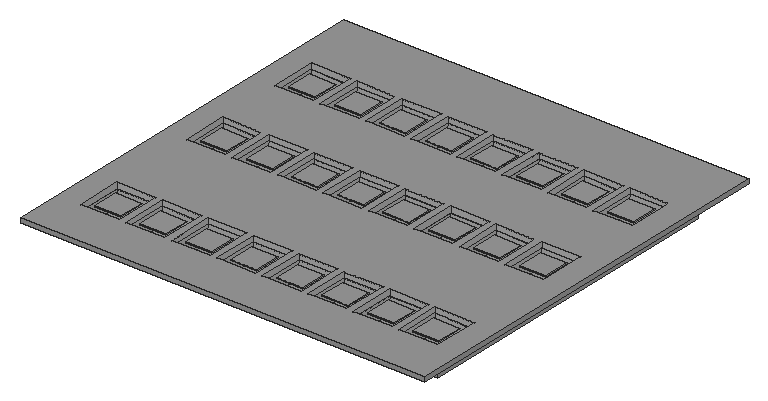
Revit family "2023650", category Lighting Fixtures, host Face, Revit 2018
Family settings
  Host = Face
  Round Connector Dimension = Use Diameter
  Part Type = Normal
  OmniClass Number = 23.80.70.00
  OmniClass Title = Lighting
  Cut with Voids When Loaded = No
  Light Source = Yes
  Shared = No
  Room Calculation Point = No
Parameters (values of type "2023650 OPTIX R 625 3L TW ALU DA")
  Weight = "n/a"
  Wattage Comments = ""
  Wattage = 9.2903 W
  WarrantyStartDate [instance] = "n/a"
  WarrantyGuarantorParts = "n/a"
  WarrantyDurationUnit = "n/a"
  WarrantyDurationParts = ""
  WarrantyDescription = "http://www.sylvania-lighting.com"
  built-in parameter 1150110 = 1 (stored number, unit not read)
  Voltage = 0 V
  URL = "0.97"
  TypeName = "OPTIX RECESSED 625 3L TW ALU DALI"
  Type Image = <None>
  Type Comments = "n/a"
  built-in parameter 1114217 = 1 (stored number, unit not read)
  Tilt Angle = -90.00°
  built-in parameter 1150109 = 1 (stored number, unit not read)
  built-in parameter 1150134 = 3
  built-in parameter 1150113 = 1 (stored number, unit not read)
  SerialNumber [instance] = "n/a"
  Photometric Web File = "2023650.ies"
  Material_3_SYL = none
  PowerFactor = 0
  PowerConsumption = "Lighting"
  NominalLength = 621 mm
  NominalHeight = 38 mm
  NominalDepth = 620 mm
  Name = "OPTIX RECESSED 625 3L TW ALU DALI"
  ModelReference = Name  # "OPTIX RECESSED 625 3L TW ALU DALI"
  ModelNumber = "2023650"
  Model = Name  # "OPTIX RECESSED 625 3L TW ALU DALI"
  Material = "Feilo Sylvania"
  ManufacturerName = "113 lm/W"
  Manufacturer = ""
  LuminousEfficacy = ""
  built-in parameter 1150105 = 109.82 (stored number, unit not read)
  Lumens = 1380 lm
  LuminaireType = "0"
  built-in parameter 1150115 = 1 (stored number, unit not read)
  LightOutputRatio = "LED"
  built-in parameter 1150137 = (empty or 0)
  built-in parameter 1150139 = (empty or 0)
  LampsType = Lamp  # "n/a"
  LampNominalLuminous = "3000 K"
  LampMacAdamStep = "80"
  LampColourTemperature = "LED"
  LampColourRenderingIndex = "16500"
  built-in parameter 1150112 = 1 (stored number, unit not read)
  built-in parameter 1150114 = 1 (stored number, unit not read)
  Lamp = "n/a"
  Keynote = "n/a"
  InstallationDate [instance] = "n/a"
  InputVoltage = "0"
  InputNominalFrequency = "3000"
  built-in parameter 1150132 = (empty or 0)
  built-in parameter 1150102 = (empty or 0)
  built-in parameter 1150107 = 3200 (stored number, unit not read)
  built-in parameter 1150138 = (empty or 0)
  IngressProtection = "IfcLightFixtureType"
  ImpactProtectionIndex = "IfcLightFixtureType"
  built-in parameter 1150106 = 1.0982 (stored number, unit not read)
  IfcExportType = "IfcLightFixtureType"
  IfcExportAs = "Class I"
  Emit from Circle Diameter = 609.6 mm
  Emit Shape Visible in Rendering = no
  ElectricShockClassification = "113"
  built-in parameter 1150104 = 13.8 (stored number, unit not read)
  DocumentationLiterature = "http://www.sylvania-lighting.com/product/en-int/products/2023650"
  DimmingControlOptions = "n/a"
  Material_2_SYL = none
  Dimming Lamp Color Temperature Shift = <None>
  Description = "OPTIX RECESSED 625x625 3L TW ALU DALI is a high efficacy low glare luminaire for office and education applications. Ceiling recessed 625x625 mm. Aluminised plastic extra low glare optics in 3 lines configuration. White RAL9016 fixture body. DALI DT8 controlled tunable white light engine, CRI>80, chromaticity tolerance of 3-step MacAdam ellipse. Luminous flux 3600lm. Power consumption 26W. Luminaire efficacy 138lm/W. Lifespan: 48,500 hours L90B10. UGR<16, Luminance at 65°<200 Cd/m2, IK07, IP20. Photobiological safety risk group 0. Electrical protection Class I. Glow wire test 850°C."
  Default Elevation = 1219.2 mm
  CreatedOn = "13/10/2022"
  CreatedBy = "@sylvania-lighting.com"
  Cost = 0
  Color Filter = 16777215
  built-in parameter 1114216 [instance] = (empty or 0)
  ClassificationValue = "EF_70_80"
  ClassificationName = "Uniclass2015"
  Material_1_SYL = none
  BarCode [instance] = "n/a"
  built-in parameter 1114218 = 1 (stored number, unit not read)
  built-in parameter 1150133 = 10 (stored number, unit not read)
  AssetType = "Fixed"
  AssetIdentifier [instance] = "n/a"
  Assembly Code = "D5020200"
  Apparent Load = 30 VA
  Material_4_SYL = none
Reference planes
  plane 1 "Center (Front/Back)": y = 0
  plane 2: z = 0
  plane 3 "Center (Left/Right)": x = 0
  plane 4: x = -310.5
  plane 5: x = 310.5
  plane 6: y = 310
  plane 7: y = -310
  plane 8: x = -281.5
  plane 9: x = 281.5
  plane 10: y = 250
  plane 11: y = -250
  plane 12: z = -32
  plane 13: z = 6
  plane 14: y = 204
  plane 15: y = -204
  plane 16: y = 134
  plane 17: y = -134
  plane 18: x = -280
  plane 19: x = 280
  plane 20: x = -275.2
  plane 21: x = -215.2
  plane 22: x = -205.4
  plane 23: x = -145.397
  plane 24: x = -135.597
  plane 25: x = -75.597
  plane 26: x = -65.797
  plane 27: x = -5.797
  plane 28: x = 4.003
  plane 29: x = 64.003
  plane 30: x = 73.803
  plane 31: x = 143.603
  plane 32: x = 133.803
  plane 33: x = 203.603
  plane 34: x = 213.403
  plane 35: x = 273.403
  plane 36: y = 149
  plane 37: y = 189
  plane 38: x = -225.2
  plane 39: x = -265.2
  plane 40: y = 169
  plane 41: y = 35
  plane 42: y = -35
  plane 43: x = -275.2
  plane 44: x = -215.2
  plane 45: x = -205.4
  plane 46: x = -145.397
  plane 47: x = -135.597
  plane 48: x = -75.597
  plane 49: x = -65.797
  plane 50: x = -5.797
  plane 51: x = 4.003
  plane 52: x = 64.003
  plane 53: x = 73.803
  plane 54: x = 143.603
  plane 55: x = 133.803
  plane 56: x = 203.603
  plane 57: x = 213.403
  plane 58: x = 273.403
  plane 59: y = -20
  plane 60: y = 20
  plane 61: x = -225.2
  plane 62: x = -265.2
  plane 63: y = 0
  plane 64: x = -275.2
  plane 65: x = -215.2
  plane 66: x = -205.4
  plane 67: x = -145.397
  plane 68: x = -135.597
  plane 69: x = -75.597
  plane 70: x = -65.797
  plane 71: x = -5.797
  plane 72: x = 4.003
  plane 73: x = 64.003
  plane 74: x = 73.803
  plane 75: x = 143.603
  plane 76: x = 133.803
  plane 77: x = 203.603
  plane 78: x = 213.403
  plane 79: x = 273.403
  plane 80: y = -224
  plane 81: y = -184
  plane 82: x = -225.2
  plane 83: x = -265.2
Forms (mm)
  Extrusion 1, solid, material "Aluminum", detail levels medium+fine
    sketch origin (0, 0, 0) x (1, 0, 0) y (0, 1, 0)
      loop
        line (-310.5, 310) -> (-310.5, -310) -> (310.5, -310) -> (310.5, 310) -> (-310.5, 310)
    from 0 to 6
  Extrusion 2, solid, material "Aluminum", detail levels medium+fine
    sketch origin (0, 0, 0) x (1, 0, 0) y (0, 1, 0)
      loop
        line (-281.5, 250) -> (-281.5, -250) -> (281.5, -250) -> (281.5, 250) -> (-281.5, 250)
    from 0 to -32
  Blend 3, void
    base sketch origin (0, 0, 0) x (1, 0, 0) y (0, 1, 0)
      loop
        line (-275.2, 204) -> (-275.2, 134) -> (-215.2, 134) -> (-215.2, 204) -> (-275.2, 204)
    top sketch origin (0, 0, 0) x (1, 0, 0) y (0, 1, 0)
      loop
        line (-265.2, 189) -> (-265.2, 149) -> (-225.2, 149) -> (-225.2, 189) -> (-265.2, 189)
    from 6 to -19
  Blend 4, void
    base sketch origin (69.8, 0, 0) x (1, 0, 0) y (0, 1, 0)
      loop
        line (-275.2, 204) -> (-275.2, 134) -> (-215.2, 134) -> (-215.2, 204) -> (-275.2, 204)
    top sketch origin (69.8, 0, 0) x (1, 0, 0) y (0, 1, 0)
      loop
        line (-265.2, 189) -> (-265.2, 149) -> (-225.2, 149) -> (-225.2, 189) -> (-265.2, 189)
    from 6 to -19
  Blend 5, void
    base sketch origin (139.603, 0, 0) x (1, 0, 0) y (0, 1, 0)
      loop
        line (-275.2, 204) -> (-275.2, 134) -> (-215.2, 134) -> (-215.2, 204) -> (-275.2, 204)
    top sketch origin (139.603, 0, 0) x (1, 0, 0) y (0, 1, 0)
      loop
        line (-265.2, 189) -> (-265.2, 149) -> (-225.2, 149) -> (-225.2, 189) -> (-265.2, 189)
    from 6 to -19
  Blend 6, void
    base sketch origin (209.403, 0, 0) x (1, 0, 0) y (0, 1, 0)
      loop
        line (-275.2, 204) -> (-275.2, 134) -> (-215.2, 134) -> (-215.2, 204) -> (-275.2, 204)
    top sketch origin (209.403, 0, 0) x (1, 0, 0) y (0, 1, 0)
      loop
        line (-265.2, 189) -> (-265.2, 149) -> (-225.2, 149) -> (-225.2, 189) -> (-265.2, 189)
    from 6 to -19
  Blend 7, void
    base sketch origin (279.203, 0, 0) x (1, 0, 0) y (0, 1, 0)
      loop
        line (-275.2, 204) -> (-275.2, 134) -> (-215.2, 134) -> (-215.2, 204) -> (-275.2, 204)
    top sketch origin (279.203, 0, 0) x (1, 0, 0) y (0, 1, 0)
      loop
        line (-265.2, 189) -> (-265.2, 149) -> (-225.2, 149) -> (-225.2, 189) -> (-265.2, 189)
    from 6 to -19
  Blend 8, void
    base sketch origin (349.003, 0, 0) x (1, 0, 0) y (0, 1, 0)
      loop
        line (-275.2, 204) -> (-275.2, 134) -> (-215.2, 134) -> (-215.2, 204) -> (-275.2, 204)
    top sketch origin (349.003, 0, 0) x (1, 0, 0) y (0, 1, 0)
      loop
        line (-265.2, 189) -> (-265.2, 149) -> (-225.2, 149) -> (-225.2, 189) -> (-265.2, 189)
    from 6 to -19
  Blend 9, void
    base sketch origin (418.803, 0, 0) x (1, 0, 0) y (0, 1, 0)
      loop
        line (-275.2, 204) -> (-275.2, 134) -> (-215.2, 134) -> (-215.2, 204) -> (-275.2, 204)
    top sketch origin (418.803, 0, 0) x (1, 0, 0) y (0, 1, 0)
      loop
        line (-265.2, 189) -> (-265.2, 149) -> (-225.2, 149) -> (-225.2, 189) -> (-265.2, 189)
    from 6 to -19
  Blend 10, void
    base sketch origin (488.603, 0, 0) x (1, 0, 0) y (0, 1, 0)
      loop
        line (-275.2, 204) -> (-275.2, 134) -> (-215.2, 134) -> (-215.2, 204) -> (-275.2, 204)
    top sketch origin (488.603, 0, 0) x (1, 0, 0) y (0, 1, 0)
      loop
        line (-265.2, 189) -> (-265.2, 149) -> (-225.2, 149) -> (-225.2, 189) -> (-265.2, 189)
    from 6 to -19
  Extrusion 11, solid, material "Glass, White, High Luminance", detail levels fine
    sketch origin (0, 0, 0) x (1, 0, 0) y (0, 1, 0)
      loop
        line (-265.2, 189) -> (-265.2, 149) -> (-225.2, 149) -> (-225.2, 189) -> (-265.2, 189)
    from 0 to 1
  Extrusion 12, solid, material "Glass, White, High Luminance", detail levels fine
    sketch origin (69.8, 0, 0) x (1, 0, 0) y (0, 1, 0)
      loop
        line (-265.2, 189) -> (-265.2, 149) -> (-225.2, 149) -> (-225.2, 189) -> (-265.2, 189)
    from 0 to 1
  Extrusion 13, solid, material "Glass, White, High Luminance", detail levels fine
    sketch origin (139.603, 0, 0) x (1, 0, 0) y (0, 1, 0)
      loop
        line (-265.2, 189) -> (-265.2, 149) -> (-225.2, 149) -> (-225.2, 189) -> (-265.2, 189)
    from 0 to 1
  Extrusion 14, solid, material "Glass, White, High Luminance", detail levels fine
    sketch origin (209.403, 0, 0) x (1, 0, 0) y (0, 1, 0)
      loop
        line (-265.2, 189) -> (-265.2, 149) -> (-225.2, 149) -> (-225.2, 189) -> (-265.2, 189)
    from 0 to 1
  Extrusion 15, solid, material "Glass, White, High Luminance", detail levels fine
    sketch origin (279.203, 0, 0) x (1, 0, 0) y (0, 1, 0)
      loop
        line (-265.2, 189) -> (-265.2, 149) -> (-225.2, 149) -> (-225.2, 189) -> (-265.2, 189)
    from 0 to 1
  Extrusion 16, solid, material "Glass, White, High Luminance", detail levels fine
    sketch origin (349.003, 0, 0) x (1, 0, 0) y (0, 1, 0)
      loop
        line (-265.2, 189) -> (-265.2, 149) -> (-225.2, 149) -> (-225.2, 189) -> (-265.2, 189)
    from 0 to 1
  Extrusion 17, solid, material "Glass, White, High Luminance", detail levels fine
    sketch origin (418.803, 0, 0) x (1, 0, 0) y (0, 1, 0)
      loop
        line (-265.2, 189) -> (-265.2, 149) -> (-225.2, 149) -> (-225.2, 189) -> (-265.2, 189)
    from 0 to 1
  Extrusion 18, solid, material "Glass, White, High Luminance", detail levels fine
    sketch origin (488.603, 0, 0) x (1, 0, 0) y (0, 1, 0)
      loop
        line (-265.2, 189) -> (-265.2, 149) -> (-225.2, 149) -> (-225.2, 189) -> (-265.2, 189)
    from 0 to 1
  Extrusion 19, solid, material "Glass, White, High Luminance", detail levels fine
    sketch origin (0, -169, 0) x (1, 0, 0) y (0, 1, 0)
      loop
        line (-265.2, 189) -> (-265.2, 149) -> (-225.2, 149) -> (-225.2, 189) -> (-265.2, 189)
    from 0 to 1
  Extrusion 20, solid, material "Glass, White, High Luminance", detail levels fine
    sketch origin (69.8, -169, 0) x (1, 0, 0) y (0, 1, 0)
      loop
        line (-265.2, 189) -> (-265.2, 149) -> (-225.2, 149) -> (-225.2, 189) -> (-265.2, 189)
    from 0 to 1
  Extrusion 21, solid, material "Glass, White, High Luminance", detail levels fine
    sketch origin (139.603, -169, 0) x (1, 0, 0) y (0, 1, 0)
      loop
        line (-265.2, 189) -> (-265.2, 149) -> (-225.2, 149) -> (-225.2, 189) -> (-265.2, 189)
    from 0 to 1
  Extrusion 22, solid, material "Glass, White, High Luminance", detail levels fine
    sketch origin (209.403, -169, 0) x (1, 0, 0) y (0, 1, 0)
      loop
        line (-265.2, 189) -> (-265.2, 149) -> (-225.2, 149) -> (-225.2, 189) -> (-265.2, 189)
    from 0 to 1
  Extrusion 23, solid, material "Glass, White, High Luminance", detail levels fine
    sketch origin (279.203, -169, 0) x (1, 0, 0) y (0, 1, 0)
      loop
        line (-265.2, 189) -> (-265.2, 149) -> (-225.2, 149) -> (-225.2, 189) -> (-265.2, 189)
    from 0 to 1
  Extrusion 24, solid, material "Glass, White, High Luminance", detail levels fine
    sketch origin (349.003, -169, 0) x (1, 0, 0) y (0, 1, 0)
      loop
        line (-265.2, 189) -> (-265.2, 149) -> (-225.2, 149) -> (-225.2, 189) -> (-265.2, 189)
    from 0 to 1
  Extrusion 25, solid, material "Glass, White, High Luminance", detail levels fine
    sketch origin (418.803, -169, 0) x (1, 0, 0) y (0, 1, 0)
      loop
        line (-265.2, 189) -> (-265.2, 149) -> (-225.2, 149) -> (-225.2, 189) -> (-265.2, 189)
    from 0 to 1
  Extrusion 26, solid, material "Glass, White, High Luminance", detail levels fine
    sketch origin (488.603, -169, 0) x (1, 0, 0) y (0, 1, 0)
      loop
        line (-265.2, 189) -> (-265.2, 149) -> (-225.2, 149) -> (-225.2, 189) -> (-265.2, 189)
    from 0 to 1
  Blend 27, void
    base sketch origin (0, -169, 0) x (1, 0, 0) y (0, 1, 0)
      loop
        line (-275.2, 204) -> (-275.2, 134) -> (-215.2, 134) -> (-215.2, 204) -> (-275.2, 204)
    top sketch origin (0, -169, 0) x (1, 0, 0) y (0, 1, 0)
      loop
        line (-265.2, 189) -> (-265.2, 149) -> (-225.2, 149) -> (-225.2, 189) -> (-265.2, 189)
    from 6 to -19
  Blend 28, void
    base sketch origin (69.8, -169, 0) x (1, 0, 0) y (0, 1, 0)
      loop
        line (-275.2, 204) -> (-275.2, 134) -> (-215.2, 134) -> (-215.2, 204) -> (-275.2, 204)
    top sketch origin (69.8, -169, 0) x (1, 0, 0) y (0, 1, 0)
      loop
        line (-265.2, 189) -> (-265.2, 149) -> (-225.2, 149) -> (-225.2, 189) -> (-265.2, 189)
    from 6 to -19
  Blend 29, void
    base sketch origin (139.603, -169, 0) x (1, 0, 0) y (0, 1, 0)
      loop
        line (-275.2, 204) -> (-275.2, 134) -> (-215.2, 134) -> (-215.2, 204) -> (-275.2, 204)
    top sketch origin (139.603, -169, 0) x (1, 0, 0) y (0, 1, 0)
      loop
        line (-265.2, 189) -> (-265.2, 149) -> (-225.2, 149) -> (-225.2, 189) -> (-265.2, 189)
    from 6 to -19
  Blend 30, void
    base sketch origin (209.403, -169, 0) x (1, 0, 0) y (0, 1, 0)
      loop
        line (-275.2, 204) -> (-275.2, 134) -> (-215.2, 134) -> (-215.2, 204) -> (-275.2, 204)
    top sketch origin (209.403, -169, 0) x (1, 0, 0) y (0, 1, 0)
      loop
        line (-265.2, 189) -> (-265.2, 149) -> (-225.2, 149) -> (-225.2, 189) -> (-265.2, 189)
    from 6 to -19
  Blend 31, void
    base sketch origin (279.203, -169, 0) x (1, 0, 0) y (0, 1, 0)
      loop
        line (-275.2, 204) -> (-275.2, 134) -> (-215.2, 134) -> (-215.2, 204) -> (-275.2, 204)
    top sketch origin (279.203, -169, 0) x (1, 0, 0) y (0, 1, 0)
      loop
        line (-265.2, 189) -> (-265.2, 149) -> (-225.2, 149) -> (-225.2, 189) -> (-265.2, 189)
    from 6 to -19
  Blend 32, void
    base sketch origin (349.003, -169, 0) x (1, 0, 0) y (0, 1, 0)
      loop
        line (-275.2, 204) -> (-275.2, 134) -> (-215.2, 134) -> (-215.2, 204) -> (-275.2, 204)
    top sketch origin (349.003, -169, 0) x (1, 0, 0) y (0, 1, 0)
      loop
        line (-265.2, 189) -> (-265.2, 149) -> (-225.2, 149) -> (-225.2, 189) -> (-265.2, 189)
    from 6 to -19
  Blend 33, void
    base sketch origin (418.803, -169, 0) x (1, 0, 0) y (0, 1, 0)
      loop
        line (-275.2, 204) -> (-275.2, 134) -> (-215.2, 134) -> (-215.2, 204) -> (-275.2, 204)
    top sketch origin (418.803, -169, 0) x (1, 0, 0) y (0, 1, 0)
      loop
        line (-265.2, 189) -> (-265.2, 149) -> (-225.2, 149) -> (-225.2, 189) -> (-265.2, 189)
    from 6 to -19
  Blend 34, void
    base sketch origin (488.603, -169, 0) x (1, 0, 0) y (0, 1, 0)
      loop
        line (-275.2, 204) -> (-275.2, 134) -> (-215.2, 134) -> (-215.2, 204) -> (-275.2, 204)
    top sketch origin (488.603, -169, 0) x (1, 0, 0) y (0, 1, 0)
      loop
        line (-265.2, 189) -> (-265.2, 149) -> (-225.2, 149) -> (-225.2, 189) -> (-265.2, 189)
    from 6 to -19
  Extrusion 35, solid, material "Glass, White, High Luminance", detail levels fine
    sketch origin (0, -373, 0) x (1, 0, 0) y (0, 1, 0)
      loop
        line (-265.2, 189) -> (-265.2, 149) -> (-225.2, 149) -> (-225.2, 189) -> (-265.2, 189)
    from 0 to 1
  Extrusion 36, solid, material "Glass, White, High Luminance", detail levels fine
    sketch origin (69.8, -373, 0) x (1, 0, 0) y (0, 1, 0)
      loop
        line (-265.2, 189) -> (-265.2, 149) -> (-225.2, 149) -> (-225.2, 189) -> (-265.2, 189)
    from 0 to 1
  Extrusion 37, solid, material "Glass, White, High Luminance", detail levels fine
    sketch origin (139.603, -373, 0) x (1, 0, 0) y (0, 1, 0)
      loop
        line (-265.2, 189) -> (-265.2, 149) -> (-225.2, 149) -> (-225.2, 189) -> (-265.2, 189)
    from 0 to 1
  Extrusion 38, solid, material "Glass, White, High Luminance", detail levels fine
    sketch origin (209.403, -373, 0) x (1, 0, 0) y (0, 1, 0)
      loop
        line (-265.2, 189) -> (-265.2, 149) -> (-225.2, 149) -> (-225.2, 189) -> (-265.2, 189)
    from 0 to 1
  Extrusion 39, solid, material "Glass, White, High Luminance", detail levels fine
    sketch origin (279.203, -373, 0) x (1, 0, 0) y (0, 1, 0)
      loop
        line (-265.2, 189) -> (-265.2, 149) -> (-225.2, 149) -> (-225.2, 189) -> (-265.2, 189)
    from 0 to 1
  Extrusion 40, solid, material "Glass, White, High Luminance", detail levels fine
    sketch origin (349.003, -373, 0) x (1, 0, 0) y (0, 1, 0)
      loop
        line (-265.2, 189) -> (-265.2, 149) -> (-225.2, 149) -> (-225.2, 189) -> (-265.2, 189)
    from 0 to 1
  Extrusion 41, solid, material "Glass, White, High Luminance", detail levels fine
    sketch origin (418.803, -373, 0) x (1, 0, 0) y (0, 1, 0)
      loop
        line (-265.2, 189) -> (-265.2, 149) -> (-225.2, 149) -> (-225.2, 189) -> (-265.2, 189)
    from 0 to 1
  Extrusion 42, solid, material "Glass, White, High Luminance", detail levels fine
    sketch origin (488.603, -373, 0) x (1, 0, 0) y (0, 1, 0)
      loop
        line (-265.2, 189) -> (-265.2, 149) -> (-225.2, 149) -> (-225.2, 189) -> (-265.2, 189)
    from 0 to 1
  Blend 43, void
    base sketch origin (0, -373, 0) x (1, 0, 0) y (0, 1, 0)
      loop
        line (-275.2, 204) -> (-275.2, 134) -> (-215.2, 134) -> (-215.2, 204) -> (-275.2, 204)
    top sketch origin (0, -373, 0) x (1, 0, 0) y (0, 1, 0)
      loop
        line (-265.2, 189) -> (-265.2, 149) -> (-225.2, 149) -> (-225.2, 189) -> (-265.2, 189)
    from 6 to -19
  Blend 44, void
    base sketch origin (69.8, -373, 0) x (1, 0, 0) y (0, 1, 0)
      loop
        line (-275.2, 204) -> (-275.2, 134) -> (-215.2, 134) -> (-215.2, 204) -> (-275.2, 204)
    top sketch origin (69.8, -373, 0) x (1, 0, 0) y (0, 1, 0)
      loop
        line (-265.2, 189) -> (-265.2, 149) -> (-225.2, 149) -> (-225.2, 189) -> (-265.2, 189)
    from 6 to -19
  Blend 45, void
    base sketch origin (139.603, -373, 0) x (1, 0, 0) y (0, 1, 0)
      loop
        line (-275.2, 204) -> (-275.2, 134) -> (-215.2, 134) -> (-215.2, 204) -> (-275.2, 204)
    top sketch origin (139.603, -373, 0) x (1, 0, 0) y (0, 1, 0)
      loop
        line (-265.2, 189) -> (-265.2, 149) -> (-225.2, 149) -> (-225.2, 189) -> (-265.2, 189)
    from 6 to -19
  Blend 46, void
    base sketch origin (209.403, -373, 0) x (1, 0, 0) y (0, 1, 0)
      loop
        line (-275.2, 204) -> (-275.2, 134) -> (-215.2, 134) -> (-215.2, 204) -> (-275.2, 204)
    top sketch origin (209.403, -373, 0) x (1, 0, 0) y (0, 1, 0)
      loop
        line (-265.2, 189) -> (-265.2, 149) -> (-225.2, 149) -> (-225.2, 189) -> (-265.2, 189)
    from 6 to -19
  Blend 47, void
    base sketch origin (279.203, -373, 0) x (1, 0, 0) y (0, 1, 0)
      loop
        line (-275.2, 204) -> (-275.2, 134) -> (-215.2, 134) -> (-215.2, 204) -> (-275.2, 204)
    top sketch origin (279.203, -373, 0) x (1, 0, 0) y (0, 1, 0)
      loop
        line (-265.2, 189) -> (-265.2, 149) -> (-225.2, 149) -> (-225.2, 189) -> (-265.2, 189)
    from 6 to -19
  Blend 48, void
    base sketch origin (349.003, -373, 0) x (1, 0, 0) y (0, 1, 0)
      loop
        line (-275.2, 204) -> (-275.2, 134) -> (-215.2, 134) -> (-215.2, 204) -> (-275.2, 204)
    top sketch origin (349.003, -373, 0) x (1, 0, 0) y (0, 1, 0)
      loop
        line (-265.2, 189) -> (-265.2, 149) -> (-225.2, 149) -> (-225.2, 189) -> (-265.2, 189)
    from 6 to -19
  Blend 49, void
    base sketch origin (418.803, -373, 0) x (1, 0, 0) y (0, 1, 0)
      loop
        line (-275.2, 204) -> (-275.2, 134) -> (-215.2, 134) -> (-215.2, 204) -> (-275.2, 204)
    top sketch origin (418.803, -373, 0) x (1, 0, 0) y (0, 1, 0)
      loop
        line (-265.2, 189) -> (-265.2, 149) -> (-225.2, 149) -> (-225.2, 189) -> (-265.2, 189)
    from 6 to -19
  Blend 50, void
    base sketch origin (488.603, -373, 0) x (1, 0, 0) y (0, 1, 0)
      loop
        line (-275.2, 204) -> (-275.2, 134) -> (-215.2, 134) -> (-215.2, 204) -> (-275.2, 204)
    top sketch origin (488.603, -373, 0) x (1, 0, 0) y (0, 1, 0)
      loop
        line (-265.2, 189) -> (-265.2, 149) -> (-225.2, 149) -> (-225.2, 189) -> (-265.2, 189)
    from 6 to -19
  Extrusion 51, solid, detail levels coarse
    sketch origin (0, 0, 0) x (1, 0, 0) y (0, 0, 1)
      loop
        line (-310.5, 6) -> (-310.5, -32) -> (310, -32) -> (310, 6) -> (-310.5, 6)
    from -310 to 310
Cuts and joins
  Blend 3, Blend 4, Blend 5, Blend 6, Blend 7, Blend 8, Blend 9, Blend 10, Blend 27, Blend 28, Blend 29, Blend 30, Blend 31, Blend 32, Blend 33, Blend 34, Blend 43, Blend 44, Blend 45, Blend 46, Blend 47, Blend 48, Blend 49, Blend 50 cuts Extrusion 1
  Blend 3, Blend 4, Blend 5, Blend 6, Blend 7, Blend 8, Blend 9, Blend 10, Blend 27, Blend 28, Blend 29, Blend 30, Blend 31, Blend 32, Blend 33, Blend 34, Blend 43, Blend 44, Blend 45, Blend 46, Blend 47, Blend 48, Blend 49, Blend 50 cuts Extrusion 2
  Blend 27 cuts Extrusion 11
  Blend 28 cuts Extrusion 12
  Blend 29 cuts Extrusion 13
  Blend 30 cuts Extrusion 14
  Blend 31 cuts Extrusion 15
  Blend 32 cuts Extrusion 16
  Blend 33 cuts Extrusion 17
  Blend 34 cuts Extrusion 18
  Blend 43 cuts Extrusion 19
  Blend 44 cuts Extrusion 20
  Blend 45 cuts Extrusion 21
  Blend 46 cuts Extrusion 22
  Blend 47 cuts Extrusion 23
  Blend 48 cuts Extrusion 24
  Blend 49 cuts Extrusion 25
  Blend 50 cuts Extrusion 26
Dimensions and locks
  "NominalLength": plane 4 to plane 5
  equal spacing: plane 4, plane 3 "Center (Left/Right)", plane 5
  "NominalDepth": plane 6 to plane 7
  equal spacing: plane 6, plane 1 "Center (Front/Back)", plane 7
  plane 12 to plane 2 = 32 mm
  plane 13 to plane 2 = 6 mm
  "NominalHeight": plane 12 to plane 13
  aligned and locked: plane 2 to host face
  aligned and locked: level to host face
Automatic sketch dimensions
  host sketch curve to host sketch curve = 2438.4 mm  (x2)
  Extrusion 1 sketch curve to plane 4 = 0 mm
  Extrusion 1 sketch curve to plane 5 = 0 mm
  Extrusion 1 sketch curve to plane 7 = 0 mm
  Extrusion 1 sketch curve to plane 6 = 0 mm
  Extrusion 2 sketch curve to plane 8 = 0 mm
  Extrusion 2 sketch curve to plane 9 = 0 mm
  Extrusion 2 sketch curve to plane 11 = 0 mm
  Extrusion 2 sketch curve to plane 10 = 0 mm
  Blend 3 sketch curve to plane 16 = 0 mm
  Blend 3 sketch curve to plane 20 = 0 mm
  Blend 3 sketch curve to plane 21 = 0 mm
  Blend 3 sketch curve to plane 14 = 0 mm
  Blend 3 sketch curve to plane 36 = 0 mm
  Blend 3 sketch curve to plane 39 = 0 mm
  Blend 3 sketch curve to plane 38 = 0 mm
  Blend 3 sketch curve to plane 37 = 0 mm
  Blend 4 sketch curve to plane 16 = 0 mm
  Blend 4 sketch curve to plane 22 = 0 mm
  Blend 4 sketch curve to plane 14 = 0 mm
  Blend 4 sketch curve to plane 23 = 0.003 mm
  Blend 4 sketch curve to plane 36 = 0 mm
  Blend 4 sketch curve to plane 37 = 0 mm
  plane 22 to Blend 4 sketch curve = 10 mm
  Blend 4 sketch curve to plane 23 = 10.003 mm
  Blend 5 sketch curve to plane 16 = 0 mm
  Blend 5 sketch curve to plane 24 = 0 mm
  Blend 5 sketch curve to plane 25 = 0 mm
  Blend 5 sketch curve to plane 14 = 0 mm
  plane 36 to Blend 5 sketch curve = 0 mm
  plane 37 to Blend 5 sketch curve = 0 mm
  plane 24 to Blend 5 sketch curve = 10 mm
  Blend 5 sketch curve to plane 25 = 10 mm
  Blend 6 sketch curve to plane 16 = 0 mm
  Blend 6 sketch curve to plane 26 = 0 mm
  Blend 6 sketch curve to plane 27 = 0 mm
  Blend 6 sketch curve to plane 14 = 0 mm
  plane 36 to Blend 6 sketch curve = 0 mm
  plane 37 to Blend 6 sketch curve = 0 mm
  plane 26 to Blend 6 sketch curve = 10 mm
  Blend 6 sketch curve to plane 27 = 10 mm
  Blend 7 sketch curve to plane 16 = 0 mm
  Blend 7 sketch curve to plane 28 = 0 mm
  Blend 7 sketch curve to plane 29 = 0 mm
  Blend 7 sketch curve to plane 14 = 0 mm
  plane 36 to Blend 7 sketch curve = 0 mm
  plane 37 to Blend 7 sketch curve = 0 mm
  plane 28 to Blend 7 sketch curve = 10 mm
  Blend 7 sketch curve to plane 29 = 10 mm
  Blend 8 sketch curve to plane 16 = 0 mm
  Blend 8 sketch curve to plane 30 = 0 mm
  Blend 8 sketch curve to plane 32 = 0 mm
  Blend 8 sketch curve to plane 14 = 0 mm
  plane 36 to Blend 8 sketch curve = 0 mm
  plane 37 to Blend 8 sketch curve = 0 mm
  plane 30 to Blend 8 sketch curve = 10 mm
  Blend 8 sketch curve to plane 32 = 10 mm
  Blend 9 sketch curve to plane 16 = 0 mm
  Blend 9 sketch curve to plane 31 = 0 mm
  Blend 9 sketch curve to plane 33 = 0 mm
  Blend 9 sketch curve to plane 14 = 0 mm
  plane 36 to Blend 9 sketch curve = 0 mm
  plane 37 to Blend 9 sketch curve = 0 mm
  plane 31 to Blend 9 sketch curve = 10 mm
  Blend 9 sketch curve to plane 33 = 10 mm
  Blend 10 sketch curve to plane 16 = 0 mm
  Blend 10 sketch curve to plane 34 = 0 mm
  Blend 10 sketch curve to plane 35 = 0 mm
  Blend 10 sketch curve to plane 14 = 0 mm
  plane 36 to Blend 10 sketch curve = 0 mm
  plane 37 to Blend 10 sketch curve = 0 mm
  plane 34 to Blend 10 sketch curve = 10 mm
  Blend 10 sketch curve to plane 35 = 10 mm
  Extrusion 11 sketch curve to plane 36 = 0 mm
  Extrusion 11 sketch curve to plane 39 = 0 mm
  Extrusion 11 sketch curve to plane 38 = 0 mm
  Extrusion 11 sketch curve to plane 37 = 0 mm
  Extrusion 12 sketch curve to plane 36 = 0 mm
  Extrusion 12 sketch curve to plane 37 = 0 mm
  plane 22 to Extrusion 12 sketch curve = 10 mm
  Extrusion 12 sketch curve to plane 23 = 10.003 mm
  plane 36 to Extrusion 13 sketch curve = 0 mm
  plane 37 to Extrusion 13 sketch curve = 0 mm
  plane 24 to Extrusion 13 sketch curve = 10 mm
  Extrusion 13 sketch curve to plane 25 = 10 mm
  plane 36 to Extrusion 14 sketch curve = 0 mm
  plane 37 to Extrusion 14 sketch curve = 0 mm
  plane 26 to Extrusion 14 sketch curve = 10 mm
  Extrusion 14 sketch curve to plane 27 = 10 mm
  plane 36 to Extrusion 15 sketch curve = 0 mm
  plane 37 to Extrusion 15 sketch curve = 0 mm
  plane 28 to Extrusion 15 sketch curve = 10 mm
  Extrusion 15 sketch curve to plane 29 = 10 mm
  plane 36 to Extrusion 16 sketch curve = 0 mm
  plane 37 to Extrusion 16 sketch curve = 0 mm
  plane 30 to Extrusion 16 sketch curve = 10 mm
  Extrusion 16 sketch curve to plane 32 = 10 mm
  plane 36 to Extrusion 17 sketch curve = 0 mm
  plane 37 to Extrusion 17 sketch curve = 0 mm
  plane 31 to Extrusion 17 sketch curve = 10 mm
  Extrusion 17 sketch curve to plane 33 = 10 mm
  plane 36 to Extrusion 18 sketch curve = 0 mm
  plane 37 to Extrusion 18 sketch curve = 0 mm
  plane 34 to Extrusion 18 sketch curve = 10 mm
  Extrusion 18 sketch curve to plane 35 = 10 mm
  Extrusion 19 sketch curve to plane 39 = 0 mm
  Extrusion 19 sketch curve to plane 38 = 0 mm
  Extrusion 19 sketch curve to plane 59 = 0 mm
  Extrusion 19 sketch curve to plane 60 = 0 mm
  Extrusion 20 sketch curve to plane 59 = 0 mm
  Extrusion 20 sketch curve to plane 60 = 0 mm
  plane 22 to Extrusion 20 sketch curve = 10 mm
  Extrusion 20 sketch curve to plane 23 = 10.003 mm
  plane 59 to Extrusion 21 sketch curve = 0 mm
  plane 60 to Extrusion 21 sketch curve = 0 mm
  plane 24 to Extrusion 21 sketch curve = 10 mm
  Extrusion 21 sketch curve to plane 25 = 10 mm
  plane 59 to Extrusion 22 sketch curve = 0 mm
  plane 60 to Extrusion 22 sketch curve = 0 mm
  plane 26 to Extrusion 22 sketch curve = 10 mm
  Extrusion 22 sketch curve to plane 27 = 10 mm
  plane 59 to Extrusion 23 sketch curve = 0 mm
  plane 60 to Extrusion 23 sketch curve = 0 mm
  plane 28 to Extrusion 23 sketch curve = 10 mm
  Extrusion 23 sketch curve to plane 29 = 10 mm
  plane 59 to Extrusion 24 sketch curve = 0 mm
  plane 60 to Extrusion 24 sketch curve = 0 mm
  plane 30 to Extrusion 24 sketch curve = 10 mm
  Extrusion 24 sketch curve to plane 32 = 10 mm
  plane 59 to Extrusion 25 sketch curve = 0 mm
  plane 60 to Extrusion 25 sketch curve = 0 mm
  plane 31 to Extrusion 25 sketch curve = 10 mm
  Extrusion 25 sketch curve to plane 33 = 10 mm
  plane 59 to Extrusion 26 sketch curve = 0 mm
  plane 60 to Extrusion 26 sketch curve = 0 mm
  plane 34 to Extrusion 26 sketch curve = 10 mm
  Extrusion 26 sketch curve to plane 35 = 10 mm
  Blend 27 sketch curve to plane 20 = 0 mm
  Blend 27 sketch curve to plane 21 = 0 mm
  Blend 27 sketch curve to plane 42 = 0 mm
  Blend 27 sketch curve to plane 41 = 0 mm
  Blend 27 sketch curve to plane 39 = 0 mm
  Blend 27 sketch curve to plane 38 = 0 mm
  Blend 27 sketch curve to plane 59 = 0 mm
  Blend 27 sketch curve to plane 60 = 0 mm
  Blend 28 sketch curve to plane 22 = 0 mm
  Blend 28 sketch curve to plane 42 = 0 mm
  Blend 28 sketch curve to plane 41 = 0 mm
  Blend 28 sketch curve to plane 23 = 0.003 mm
  Blend 28 sketch curve to plane 59 = 0 mm
  Blend 28 sketch curve to plane 60 = 0 mm
  plane 22 to Blend 28 sketch curve = 10 mm
  Blend 28 sketch curve to plane 23 = 10.003 mm
  Blend 29 sketch curve to plane 24 = 0 mm
  Blend 29 sketch curve to plane 25 = 0 mm
  Blend 29 sketch curve to plane 42 = 0 mm
  Blend 29 sketch curve to plane 41 = 0 mm
  plane 59 to Blend 29 sketch curve = 0 mm
  plane 60 to Blend 29 sketch curve = 0 mm
  plane 24 to Blend 29 sketch curve = 10 mm
  Blend 29 sketch curve to plane 25 = 10 mm
  Blend 30 sketch curve to plane 26 = 0 mm
  Blend 30 sketch curve to plane 27 = 0 mm
  Blend 30 sketch curve to plane 42 = 0 mm
  Blend 30 sketch curve to plane 41 = 0 mm
  plane 59 to Blend 30 sketch curve = 0 mm
  plane 60 to Blend 30 sketch curve = 0 mm
  plane 26 to Blend 30 sketch curve = 10 mm
  Blend 30 sketch curve to plane 27 = 10 mm
  Blend 31 sketch curve to plane 28 = 0 mm
  Blend 31 sketch curve to plane 29 = 0 mm
  Blend 31 sketch curve to plane 42 = 0 mm
  Blend 31 sketch curve to plane 41 = 0 mm
  plane 59 to Blend 31 sketch curve = 0 mm
  plane 60 to Blend 31 sketch curve = 0 mm
  plane 28 to Blend 31 sketch curve = 10 mm
  Blend 31 sketch curve to plane 29 = 10 mm
  Blend 32 sketch curve to plane 30 = 0 mm
  Blend 32 sketch curve to plane 32 = 0 mm
  Blend 32 sketch curve to plane 42 = 0 mm
  Blend 32 sketch curve to plane 41 = 0 mm
  plane 59 to Blend 32 sketch curve = 0 mm
  plane 60 to Blend 32 sketch curve = 0 mm
  plane 30 to Blend 32 sketch curve = 10 mm
  Blend 32 sketch curve to plane 32 = 10 mm
  Blend 33 sketch curve to plane 31 = 0 mm
  Blend 33 sketch curve to plane 33 = 0 mm
  Blend 33 sketch curve to plane 42 = 0 mm
  Blend 33 sketch curve to plane 41 = 0 mm
  plane 59 to Blend 33 sketch curve = 0 mm
  plane 60 to Blend 33 sketch curve = 0 mm
  plane 31 to Blend 33 sketch curve = 10 mm
  Blend 33 sketch curve to plane 33 = 10 mm
  Blend 34 sketch curve to plane 34 = 0 mm
  Blend 34 sketch curve to plane 35 = 0 mm
  Blend 34 sketch curve to plane 42 = 0 mm
  Blend 34 sketch curve to plane 41 = 0 mm
  plane 59 to Blend 34 sketch curve = 0 mm
  plane 60 to Blend 34 sketch curve = 0 mm
  plane 34 to Blend 34 sketch curve = 10 mm
  Blend 34 sketch curve to plane 35 = 10 mm
  Extrusion 35 sketch curve to plane 39 = 0 mm
  Extrusion 35 sketch curve to plane 38 = 0 mm
  Extrusion 35 sketch curve to plane 80 = 0 mm
  Extrusion 35 sketch curve to plane 81 = 0 mm
  Extrusion 36 sketch curve to plane 80 = 0 mm
  Extrusion 36 sketch curve to plane 81 = 0 mm
  plane 22 to Extrusion 36 sketch curve = 10 mm
  Extrusion 36 sketch curve to plane 23 = 10.003 mm
  plane 80 to Extrusion 37 sketch curve = 0 mm
  plane 81 to Extrusion 37 sketch curve = 0 mm
  plane 24 to Extrusion 37 sketch curve = 10 mm
  Extrusion 37 sketch curve to plane 25 = 10 mm
  plane 80 to Extrusion 38 sketch curve = 0 mm
  plane 81 to Extrusion 38 sketch curve = 0 mm
  plane 26 to Extrusion 38 sketch curve = 10 mm
  Extrusion 38 sketch curve to plane 27 = 10 mm
  plane 80 to Extrusion 39 sketch curve = 0 mm
  plane 81 to Extrusion 39 sketch curve = 0 mm
  plane 28 to Extrusion 39 sketch curve = 10 mm
  Extrusion 39 sketch curve to plane 29 = 10 mm
  plane 80 to Extrusion 40 sketch curve = 0 mm
  plane 81 to Extrusion 40 sketch curve = 0 mm
  plane 30 to Extrusion 40 sketch curve = 10 mm
  Extrusion 40 sketch curve to plane 32 = 10 mm
  plane 80 to Extrusion 41 sketch curve = 0 mm
  plane 81 to Extrusion 41 sketch curve = 0 mm
  plane 31 to Extrusion 41 sketch curve = 10 mm
  Extrusion 41 sketch curve to plane 33 = 10 mm
  plane 80 to Extrusion 42 sketch curve = 0 mm
  plane 81 to Extrusion 42 sketch curve = 0 mm
  plane 34 to Extrusion 42 sketch curve = 10 mm
  Extrusion 42 sketch curve to plane 35 = 10 mm
  Blend 43 sketch curve to plane 20 = 0 mm
  Blend 43 sketch curve to plane 21 = 0 mm
  plane 11 to Blend 43 sketch curve = 11 mm
  plane 81 to Blend 43 sketch curve = 15 mm
  Blend 43 sketch curve to plane 39 = 0 mm
  Blend 43 sketch curve to plane 38 = 0 mm
  Blend 43 sketch curve to plane 80 = 0 mm
  Blend 43 sketch curve to plane 81 = 0 mm
  Blend 44 sketch curve to plane 22 = 0 mm
  Blend 44 sketch curve to plane 23 = 0.003 mm
  plane 11 to Blend 44 sketch curve = 11 mm
  plane 81 to Blend 44 sketch curve = 15 mm
  Blend 44 sketch curve to plane 80 = 0 mm
  Blend 44 sketch curve to plane 81 = 0 mm
  plane 22 to Blend 44 sketch curve = 10 mm
  Blend 44 sketch curve to plane 23 = 10.003 mm
  Blend 45 sketch curve to plane 24 = 0 mm
  Blend 45 sketch curve to plane 25 = 0 mm
  plane 11 to Blend 45 sketch curve = 11 mm
  plane 81 to Blend 45 sketch curve = 15 mm
  plane 80 to Blend 45 sketch curve = 0 mm
  plane 81 to Blend 45 sketch curve = 0 mm
  plane 24 to Blend 45 sketch curve = 10 mm
  Blend 45 sketch curve to plane 25 = 10 mm
  Blend 46 sketch curve to plane 26 = 0 mm
  Blend 46 sketch curve to plane 27 = 0 mm
  plane 11 to Blend 46 sketch curve = 11 mm
  plane 81 to Blend 46 sketch curve = 15 mm
  plane 80 to Blend 46 sketch curve = 0 mm
  plane 81 to Blend 46 sketch curve = 0 mm
  plane 26 to Blend 46 sketch curve = 10 mm
  Blend 46 sketch curve to plane 27 = 10 mm
  Blend 47 sketch curve to plane 28 = 0 mm
  Blend 47 sketch curve to plane 29 = 0 mm
  plane 11 to Blend 47 sketch curve = 11 mm
  plane 81 to Blend 47 sketch curve = 15 mm
  plane 80 to Blend 47 sketch curve = 0 mm
  plane 81 to Blend 47 sketch curve = 0 mm
  plane 28 to Blend 47 sketch curve = 10 mm
  Blend 47 sketch curve to plane 29 = 10 mm
  Blend 48 sketch curve to plane 30 = 0 mm
  Blend 48 sketch curve to plane 32 = 0 mm
  plane 11 to Blend 48 sketch curve = 11 mm
  plane 81 to Blend 48 sketch curve = 15 mm
  plane 80 to Blend 48 sketch curve = 0 mm
  plane 81 to Blend 48 sketch curve = 0 mm
  plane 30 to Blend 48 sketch curve = 10 mm
  Blend 48 sketch curve to plane 32 = 10 mm
  Blend 49 sketch curve to plane 31 = 0 mm
  Blend 49 sketch curve to plane 33 = 0 mm
  plane 11 to Blend 49 sketch curve = 11 mm
  plane 81 to Blend 49 sketch curve = 15 mm
  plane 80 to Blend 49 sketch curve = 0 mm
  plane 81 to Blend 49 sketch curve = 0 mm
  plane 31 to Blend 49 sketch curve = 10 mm
  Blend 49 sketch curve to plane 33 = 10 mm
  Blend 50 sketch curve to plane 34 = 0 mm
  Blend 50 sketch curve to plane 35 = 0 mm
  plane 11 to Blend 50 sketch curve = 11 mm
  plane 81 to Blend 50 sketch curve = 15 mm
  plane 80 to Blend 50 sketch curve = 0 mm
  plane 81 to Blend 50 sketch curve = 0 mm
  plane 34 to Blend 50 sketch curve = 10 mm
  Blend 50 sketch curve to plane 35 = 10 mm
  Extrusion 51 sketch curve to plane 4 = 0 mm
  plane 9 to Extrusion 51 sketch curve = 28.5 mm
  Extrusion 51 sketch curve to plane 12 = 0 mm
  plane 13 to Extrusion 51 sketch curve = 0 mm
Connectors
  electrical at (0, 0, 0), driven by "Apparent Load", driven by "PowerFactor", driven by "Voltage"
    settings: index 1, voltage 0 V, apparent load 30 VA, apparent load phase1 0 VA, apparent load phase2 0 VA, apparent load phase3 0 VA, power factor 0, load classification "Lighting", number of poles 1, system type 30, power factor state 1, is connector primary yes, connector utility no, sub classification motor no, connector description ""
